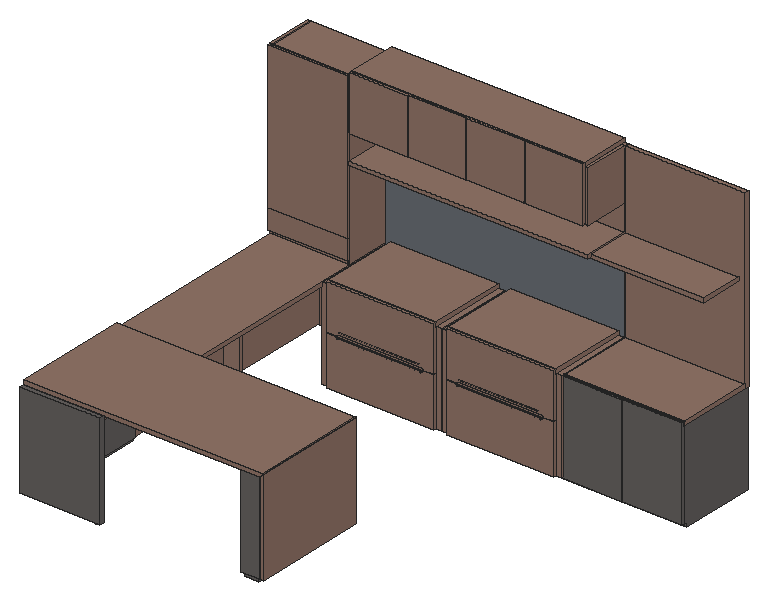
Revit family "OFS TYPICAL T100251", category Furniture, Revit 2022 (continued)
Definition of nested family "OFS SLATE MODULAR CABINET TOP PULL"
  Dimensions and locks (in)
    aligned and locked: plane 4 to nested 1
  Nested families (in)
    nested 1: "Tag" at (9, -24.6875, 0) x (-1, 0, 0) z (0, 0, 1), visible <- "Type_1", type "Center", detail levels fine
      with Offset (LR) 0' - 0", Distance of Center (not Change) 0' - 0.23"
    nested 2: "Tag" at (-9, -24.6875, 0), visible <- "Type_2", type "Center", detail levels fine
      with Offset (LR) 0' - 0", Distance of Center (not Change) 0' - 0.23"
    nested 3: "Tag" at (15, -24.6875, 0) x (-1, 0, 0) z (0, 0, 1), visible <- "Type_3", type "Center", detail levels fine
      with Offset (LR) 0' - 0", Distance of Center (not Change) 0' - 0.23"
    nested 4: "Tag" at (17.625, -24.6875, 0) x (-1, 0, 0) z (0, 0, 1), visible <- "Type_4", type "Center", detail levels fine
      with Offset (LR) 0' - 0", Distance of Center (not Change) 0' - 0.23"
  Definition of nested family "Tag"
    Parameters
      P_Width = 0' - 0"
      Text_Width = "Empty"
      Text_Height = "Empty"
      Text_Diameter = "Empty"
      Text_Depth = "Empty"
      Offset (LR) [instance] = 0' - 0"
      Model Name = ""
      P_Height = 0' - 0"
      Distance of Center (not Change) = 0' - 0"
      P_Diameter = 0' - 0"
      P_Depth = 0' - 0"
    Reference planes (in)
      plane 1: y = 0
      plane 2: x = 0
    Lines and regions (in)
      reference lines
        curve 1: line (-0.44359, 0, 0) -> (0.41085, 0, 0)
        curve 3: line (0, 0.32564, 0) -> (0, -0.40221, 0)
      reference lines, not visible
        curve 2: line (-0.44359, 0.09843, 0) -> (0.41085, 0.09843, 0)
        curve 4: line (0, 0.42407, 0) -> (0, -0.30379, 0)
    Text (in)
      label "Empty" at (0.00197, -0.0079, 0), shows "Model Name"
      label "Empty" at (0.00197, 0.09052, 0), shows "Model Name", not visible
    Dimensions and locks (in)
      "Distance of Center (not Change)": plane 1 to curve 1
      "Offset (LR)": curve 3 to plane 2
    Automatic sketch dimensions
      curve 1 to curve 3 = 0' - 0.44359"
      curve 3 to curve 1 = 0' - 0.41085"
      curve 3 to curve 1 = 0' - 0.40221"
      curve 1 to curve 3 = 0' - 0.32564"
      curve 2 to curve 4 = 0' - 0.44359"
      curve 4 to curve 2 = 0' - 0.41085"
      curve 4 to curve 2 = 0' - 0.40221"
      curve 2 to curve 4 = 0' - 0.32564"
Definition of nested family "OFS SLATE WALLMOUNT PANEL WITH SHELF VENEER PARTIAL HEIGHT B"
  Parameters (values of type "WALLMOUNT PANEL WITH RIGHT SHELF VENEER 3H 54in - 1.5H Shelf")
    Width = 4' - 6"
    URL = "http://www.ofs.com/"
    SH2 = 1' - 11 5/16"  # constant formula
    SH1 = 1' - 2 1/4"  # constant formula
    Right Gap = 0' - 2"
    Model = "CA-5446RPS25"
    Manufacturer = "CAROLINA"
    Left Gap = 0' - 0"
    Height From Floor = 1' - 10"
    Height = 3' - 10 11/16"
    Description = "OFS SLATE WALLMOUNT PANEL WITH RIGHT SHELF, 3 Height, Veneer Finish, 54\" Width, 1.5 Height Shelf, Worksurface Height Casegoods to achieve 4.5 High Workwall"
    Depth = 1' - 2 1/4"
    Default Elevation = 0' - 0"
    Copyright © = "©OFS 2019"
    Catalog = "https://ofs.com/products/tables/conference/slate"
    Chasis [instance] = none
    C6J Intermediate Shelf [instance] = yes
    C6J [instance] = and(SH2 > 1' 8", C6J Intermediate Shelf)  # yes
    Back Board Thickness = 0' - 1 3/16"
    Authoring Version = "Autodesk Revit Architecture 2014"
    Assembly Code = "E2020200"
  Types (16): name | Width | Right Gap | Model | Left Gap | Height From Floor | Height | Description
    WALLMOUNT PANEL WITH RIGHT SHELF VENEER 3.5H 18in - 1.5H Shelf | 1' - 6" | 0' - 2" | "CA-1852RPS25" | 0' - 0" | 2' - 4" | 4' - 4 11/16" | "OFS SLATE WALLMOUNT PANEL WITH RIGHT SHELF, 3.5 Height, Veneer Finish, 18\" Width, 1.5 Height Shelf, Worksurface Height Casegoods to achieve 4.5 High Workwall"
    WALLMOUNT PANEL WITH LEFT SHELF VENEER 3.5H 18in - 1.5H Shelf | 1' - 6" | 0' - 0" | "CA-1852LPS25" | 0' - 2" | 2' - 4" | 4' - 4 11/16" | "OFS SLATE WALLMOUNT PANEL WITH LEFT SHELF, 3.5 Height, Veneer Finish, 18\" Width, 1.5 Height Shelf, Worksurface Height Casegoods to achieve 4.5 High Workwall"
    WALLMOUNT PANEL WITH LEFT SHELF VENEER 3.5H 24in - 1.5H Shelf | 2' - 0" | 0' - 0" | "CA-2452LPS25" | 0' - 2" | 2' - 4" | 4' - 4 11/16" | "OFS SLATE WALLMOUNT PANEL WITH LEFT SHELF, 3.5 Height, Veneer Finish, 24\" Width, 1.5 Height Shelf, Worksurface Height Casegoods to achieve 4.5 High Workwall"
    WALLMOUNT PANEL WITH RIGHT SHELF VENEER 3.5H 24in - 1.5H Shelf | 2' - 0" | 0' - 2" | "CA-2452RPS25" | 0' - 0" | 2' - 4" | 4' - 4 11/16" | "OFS SLATE WALLMOUNT PANEL WITH RIGHT SHELF, 3.5 Height, Veneer Finish, 24\" Width, 1.5 Height Shelf, Worksurface Height Casegoods to achieve 4.5 High Workwall"
    WALLMOUNT PANEL WITH LEFT SHELF VENEER 3.5H 36in - 1.5H Shelf | 3' - 0" | 0' - 0" | "CA-3652LPS25" | 0' - 2" | 2' - 4" | 4' - 4 11/16" | "OFS SLATE WALLMOUNT PANEL WITH LEFT SHELF, 3.5 Height, Veneer Finish, 36\" Width, 1.5 Height Shelf, Worksurface Height Casegoods to achieve 4.5 High Workwall"
    WALLMOUNT PANEL WITH RIGHT SHELF VENEER 3.5H 36in - 1.5H Shelf | 3' - 0" | 0' - 2" | "CA-3652RPS25" | 0' - 0" | 2' - 4" | 4' - 4 11/16" | "OFS SLATE WALLMOUNT PANEL WITH RIGHT SHELF, 3.5 Height, Veneer Finish, 36\" Width, 1.5 Height Shelf, Worksurface Height Casegoods to achieve 4.5 High Workwall"
    WALLMOUNT PANEL WITH RIGHT SHELF VENEER 3.5H 54in - 1.5H Shelf | 4' - 6" | 0' - 2" | "CA-5452RPS25" | 0' - 0" | 2' - 4" | 4' - 4 11/16" | "OFS SLATE WALLMOUNT PANEL WITH RIGHT SHELF, 3.5 Height, Veneer Finish, 54\" Width, 1.5 Height Shelf, Worksurface Height Casegoods to achieve 4.5 High Workwall"
    WALLMOUNT PANEL WITH LEFT SHELF VENEER 3.5H 54in - 1.5H Shelf | 4' - 6" | 0' - 0" | "CA-5452LPS25" | 0' - 2" | 2' - 4" | 4' - 4 11/16" | "OFS SLATE WALLMOUNT PANEL WITH LEFT SHELF, 3.5 Height, Veneer Finish, 54\" Width, 1.5 Height Shelf, Worksurface Height Casegoods to achieve 4.5 High Workwall"
    WALLMOUNT PANEL WITH LEFT SHELF VENEER 3H 54in - 1.5H Shelf | 4' - 6" | 0' - 0" | "CA-5446LPS25" | 0' - 2" | 1' - 10" | 3' - 10 11/16" | "OFS SLATE WALLMOUNT PANEL WITH LEFT SHELF, 3 Height, Veneer Finish, 54\" Width, 1.5 Height Shelf, Worksurface Height Casegoods to achieve 4.5 High Workwall"
    WALLMOUNT PANEL WITH LEFT SHELF VENEER 3H 18in - 1.5H Shelf | 1' - 6" | 0' - 0" | "CA-1846LPS25" | 0' - 2" | 1' - 10" | 3' - 10 11/16" | "OFS SLATE WALLMOUNT PANEL WITH LEFT SHELF, 3 Height, Veneer Finish, 18\" Width, 1.5 Height Shelf, Worksurface Height Casegoods to achieve 4.5 High Workwall"
    WALLMOUNT PANEL WITH LEFT SHELF VENEER 3H 24in - 1.5H Shelf | 2' - 0" | 0' - 0" | "CA-2446LPS25" | 0' - 2" | 1' - 10" | 3' - 10 11/16" | "OFS SLATE WALLMOUNT PANEL WITH LEFT SHELF, 3 Height, Veneer Finish, 24\" Width, 1.5 Height Shelf, Worksurface Height Casegoods to achieve 4.5 High Workwall"
    WALLMOUNT PANEL WITH LEFT SHELF VENEER 3H 36in - 1.5H Shelf | 3' - 0" | 0' - 0" | "CA-3646LPS25" | 0' - 2" | 1' - 10" | 3' - 10 11/16" | "OFS SLATE WALLMOUNT PANEL WITH LEFT SHELF, 3 Height, Veneer Finish, 36\" Width, 1.5 Height Shelf, Worksurface Height Casegoods to achieve 4.5 High Workwall"
    WALLMOUNT PANEL WITH RIGHT SHELF VENEER 3H 18in - 1.5H Shelf | 1' - 6" | 0' - 2" | "CA-1846RPS25" | 0' - 0" | 1' - 10" | 3' - 10 11/16" | "OFS SLATE WALLMOUNT PANEL WITH RIGHT SHELF, 3 Height, Veneer Finish, 18\" Width, 1.5 Height Shelf, Worksurface Height Casegoods to achieve 4.5 High Workwall"
    WALLMOUNT PANEL WITH RIGHT SHELF VENEER 3H 24in - 1.5H Shelf | 2' - 0" | 0' - 2" | "CA-2446RPS25" | 0' - 0" | 1' - 10" | 3' - 10 11/16" | "OFS SLATE WALLMOUNT PANEL WITH RIGHT SHELF, 3 Height, Veneer Finish, 24\" Width, 1.5 Height Shelf, Worksurface Height Casegoods to achieve 4.5 High Workwall"
    WALLMOUNT PANEL WITH RIGHT SHELF VENEER 3H 36in - 1.5H Shelf | 3' - 0" | 0' - 2" | "CA-3646RPS25" | 0' - 0" | 1' - 10" | 3' - 10 11/16" | "OFS SLATE WALLMOUNT PANEL WITH RIGHT SHELF, 3 Height, Veneer Finish, 36\" Width, 1.5 Height Shelf, Worksurface Height Casegoods to achieve 4.5 High Workwall"
    WALLMOUNT PANEL WITH RIGHT SHELF VENEER 3H 54in - 1.5H Shelf | 4' - 6" | 0' - 2" | "CA-5446RPS25" | 0' - 0" | 1' - 10" | 3' - 10 11/16" | "OFS SLATE WALLMOUNT PANEL WITH RIGHT SHELF, 3 Height, Veneer Finish, 54\" Width, 1.5 Height Shelf, Worksurface Height Casegoods to achieve 4.5 High Workwall"
  Reference planes (in)
    plane 1 "Center Front/Back": y = 4.875
    plane 2 "Bottom": z = 0
    plane 3 "Center Left/Right": x = 0
    plane 4 "Back": y = 12
    plane 5 "Front": y = -2.25
    plane 6 "Left": x = -27
    plane 7 "Right": x = 27
    plane 8: z = 68.6875
    plane 9: z = 22
    plane 10: y = 10.8125
    plane 11: z = 45.375
    plane 12: z = 44.1875
    plane 13: x = -27
    plane 14: x = 25
    plane 15: z = 54.4375
    plane 16: z = 53.25
  Forms (in)
    Extrusion 1, solid, material <- "Chasis"
      sketch origin (0, 0, 0) x (1, 0, 0) y (0, 1, 0)
        loop
          line (-27, 12) -> (-27, 10.8125) -> (27, 10.8125) -> (27, 12) -> (-27, 12)
      from 22 to 68.6875
    Extrusion 2, solid, material <- "Chasis"
      sketch origin (0, 4.875, 0) x (1, 0, 0) y (0, 0, 1)
        loop
          line (-27, 45.375) -> (-27, 44.1875) -> (25, 44.1875) -> (25, 45.375) -> (-27, 45.375)
      from -5.9375 to 7.125
  Dimensions and locks (in)
    equal spacing: plane 5 "Front", plane 1 "Center Front/Back", plane 4 "Back"
    "Depth": plane 4 "Back" to plane 5 "Front"
    equal spacing: plane 6 "Left", plane 3 "Center Left/Right", plane 7 "Right"
    "Width": plane 6 "Left" to plane 7 "Right"
    "Back Board Thickness": plane 10 to plane 4 "Back"
    "Height From Floor": plane 9 to plane 2 "Bottom"
    "Height": plane 8 to plane 9
    "Left Gap": plane 13 to plane 6 "Left"
    "Right Gap": plane 14 to plane 7 "Right"
    locked: plane 15 to plane 16 at 1.1875
    "SH1": plane 8 to plane 15
    locked: plane 11 to plane 12 at 1.1875
    "SH2": plane 8 to plane 11
    aligned and locked: level to plane 2 "Bottom"
    aligned and locked: plane 4 "Back" to Extrusion 1 sketch curve
    aligned and locked: Extrusion 1 sketch curve to plane 10
    aligned and locked: Extrusion 1 to plane 7 "Right"
    aligned and locked: Extrusion 1 to plane 6 "Left"
    aligned and locked: plane 8 to Extrusion 1
    aligned and locked: Extrusion 1 to plane 9
    aligned and locked: Extrusion 2 to plane 12
    aligned and locked: plane 11 to Extrusion 2
    aligned and locked: Extrusion 2 to plane 10
    aligned and locked: Extrusion 2 to plane 5 "Front"
    aligned and locked: Extrusion 2 to plane 13
    aligned and locked: Extrusion 2 to plane 14
  Automatic sketch dimensions
    Extrusion 1 sketch curve to plane 6 "Left" = 0' - 0"
    Extrusion 1 sketch curve to plane 7 "Right" = 0' - 0"
    Extrusion 2 sketch curve to plane 12 = 0' - 0"
    Extrusion 2 sketch curve to plane 13 = 0' - 0"
    plane 7 "Right" to Extrusion 2 sketch curve = 0' - 2"
    Extrusion 2 sketch curve to plane 11 = 0' - 0"
Definition of nested family "OFS SLATE OVERLAY WALLMOUNT ORGANIZER W HINGED DOORS _ OPEN SHELF 1.5H"
  Parameters (values of type "OVERLAY WALLMOUNT ORGANIZER W 2 HINGED DOORS & OPEN SHELF 1.5H 30"")
    Width = 2' - 6"
    URL = "http://www.ofs.com/"
    Top Board Thickness = 0' - 1 1/16"
    Shelf Height = 0' - 9"
    Model = "CA-A3026HDWO"
    Manufacturer = "CAROLINA"
    Height From Floor = 5' - 5 1/4"
    Organizer Height = 1' - 4 9/16"
    Height = 2' - 1 1/2"
    Glides [instance] = none
    Gap2 = 0' - 0 1/16"
    Gap1 = 0' - 0 1/8"
    Front Panel Finish [instance] = none
    Front Board Thickness = 0' - 0 3/4"
    Description = "OFS SLATE OVERLAY WALLMOUNT ORGANIZER WITH 2 HINGED DOORS & OPEN SHELF , 30\" Width, Bottom of Cabinet and Shelf align with 1.5 High Wallmount Open Shelf Organizer"
    Depth = 1' - 3 3/4"
    Default Elevation = 0' - 0"
    Copyright © = "©OFS 2019"
    Catalog = "https://ofs.com/products/tables/conference/slate"
    Chasis [instance] = none
    Bottom Board Thickness = 0' - 1 1/4"
    Board Thickness = 0' - 1 3/16"
    Back Board Thickness = 0' - 1 3/16"
    Authoring Version = "Autodesk Revit Architecture 2014"
    Assembly Code = "E2020200"
    6 Doors = no
    4 Doors = no
    3 Doors = no
    2 Doors = yes
  Types (13): name | Width | Model | Description | 6 Doors | 4 Doors | 3 Doors | 2 Doors
    (no name) | 2' - 6" | "CA-A3026HDWO" | "OFS SLATE OVERLAY WALLMOUNT ORGANIZER WITH 2 HINGED DOORS & OPEN SHELF , 30\" Width, Bottom of Cabinet and Shelf align with 1.5 High Wallmount Open Shelf Organizer" | no | no | no | yes
    OVERLAY WALLMOUNT ORGANIZER W 2 HINGED DOORS & OPEN SHELF 1.5H 30" | 2' - 6" | "CA-A3026HDWO" | "OFS SLATE OVERLAY WALLMOUNT ORGANIZER WITH 2 HINGED DOORS & OPEN SHELF , 30\" Width, Bottom of Cabinet and Shelf align with 1.5 High Wallmount Open Shelf Organizer" | no | no | no | yes
    OVERLAY WALLMOUNT ORGANIZER W 2 HINGED DOORS & OPEN SHELF 1.5H 36" | 3' - 0" | "CA-A3626HDWO" | "OFS SLATE OVERLAY WALLMOUNT ORGANIZER WITH 2 HINGED DOORS & OPEN SHELF , 36\" Width, Bottom of Cabinet and Shelf align with 1.5 High Wallmount Open Shelf Organizer" | no | no | no | yes
    OVERLAY WALLMOUNT ORGANIZER W 3 HINGED DOORS & OPEN SHELF 1.5H 54" | 4' - 6" | "CA-A5426HDWO" | "OFS SLATE OVERLAY WALLMOUNT ORGANIZER WITH 3 HINGED DOORS & OPEN SHELF , 54\" Width, Bottom of Cabinet and Shelf align with 1.5 High Wallmount Open Shelf Organizer" | no | no | yes | no
    OVERLAY WALLMOUNT ORGANIZER W 4 HINGED DOORS & OPEN SHELF 1.5H 60" | 5' - 0" | "CA-A6026HDWO" | "OFS SLATE OVERLAY WALLMOUNT ORGANIZER WITH 4 HINGED DOORS & OPEN SHELF , 60\" Width, Bottom of Cabinet and Shelf align with 1.5 High Wallmount Open Shelf Organizer" | no | yes | no | no
    OVERLAY WALLMOUNT ORGANIZER W 4 HINGED DOORS & OPEN SHELF 1.5H 66" | 5' - 6" | "CA-A6626HDWO" | "OFS SLATE OVERLAY WALLMOUNT ORGANIZER WITH 4 HINGED DOORS & OPEN SHELF , 66\" Width, Bottom of Cabinet and Shelf align with 1.5 High Wallmount Open Shelf Organizer" | no | yes | no | no
    OVERLAY WALLMOUNT ORGANIZER W 4 HINGED DOORS & OPEN SHELF 1.5H 72" | 6' - 0" | "CA-A7226HDWO" | "OFS SLATE OVERLAY WALLMOUNT ORGANIZER WITH 4 HINGED DOORS & OPEN SHELF , 72\" Width, Bottom of Cabinet and Shelf align with 1.5 High Wallmount Open Shelf Organizer" | no | yes | no | no
    OVERLAY WALLMOUNT ORGANIZER W 4 HINGED DOORS & OPEN SHELF 1.5H 78" | 6' - 6" | "CA-A7826HDWO" | "OFS SLATE OVERLAY WALLMOUNT ORGANIZER WITH 4 HINGED DOORS & OPEN SHELF , 78\" Width, Bottom of Cabinet and Shelf align with 1.5 High Wallmount Open Shelf Organizer" | no | yes | no | no
    OVERLAY WALLMOUNT ORGANIZER W 4 HINGED DOORS & OPEN SHELF 1.5H 84" | 7' - 0" | "CA-A8426HDWO" | "OFS SLATE OVERLAY WALLMOUNT ORGANIZER WITH 4 HINGED DOORS & OPEN SHELF , 84\" Width, Bottom of Cabinet and Shelf align with 1.5 High Wallmount Open Shelf Organizer" | no | yes | no | no
    OVERLAY WALLMOUNT ORGANIZER W 6 HINGED DOORS & OPEN SHELF 1.5H 90" | 7' - 6" | "CA-A9026HDWO" | "OFS SLATE OVERLAY WALLMOUNT ORGANIZER WITH 6 HINGED DOORS & OPEN SHELF , 90\" Width, Bottom of Cabinet and Shelf align with 1.5 High Wallmount Open Shelf Organizer" | yes | no | no | no
    OVERLAY WALLMOUNT ORGANIZER W 6 HINGED DOORS & OPEN SHELF 1.5H 96" | 8' - 0" | "CA-A9626HDWO" | "OFS SLATE OVERLAY WALLMOUNT ORGANIZER WITH 6 HINGED DOORS & OPEN SHELF , 96\" Width, Bottom of Cabinet and Shelf align with 1.5 High Wallmount Open Shelf Organizer" | yes | no | no | no
    OVERLAY WALLMOUNT ORGANIZER W 6 HINGED DOORS & OPEN SHELF 1.5H 102" | 8' - 6" | "CA-A10226HDWO" | "OFS SLATE OVERLAY WALLMOUNT ORGANIZER WITH 6 HINGED DOORS & OPEN SHELF , 102\" Width, Bottom of Cabinet and Shelf align with 1.5 High Wallmount Open Shelf Organizer" | yes | no | no | no
    OVERLAY WALLMOUNT ORGANIZER W 6 HINGED DOORS & OPEN SHELF 1.5H 108" | 9' - 0" | "CA-A10826HDWO" | "OFS SLATE OVERLAY WALLMOUNT ORGANIZER WITH 6 HINGED DOORS & OPEN SHELF , 108\" Width, Bottom of Cabinet and Shelf align with 1.5 High Wallmount Open Shelf Organizer" | yes | no | no | no
  Reference planes (in)
    plane 1 "Center Front/Back": y = 4.125
    plane 2 "Bottom": z = 0
    plane 3 "Center Left/Right": x = 0
    plane 4 "Back": y = 12
    plane 5 "Front": y = -3.75
    plane 6 "Left": x = -15
    plane 7 "Right": x = 15
    plane 8: z = 81.8125
    plane 9: z = 65.25
    plane 10: z = 66.5
    plane 11: z = 80.75
    plane 12: x = -13.8125
    plane 13: x = 13.8125
    plane 14: y = 10.8125
    plane 15: y = -3
    plane 16: x = -0.0625
    plane 17: x = 0.0625
    plane 18: x = -13.8125
    plane 19: x = 13.8125
    plane 20: x = -6.90625
    plane 21: x = -6.96875
    plane 22: x = -6.84375
    plane 23: x = 6.90625
    plane 24: x = 6.96875
    plane 25: x = 6.84375
    plane 26: x = -4.60417
    plane 27: x = -4.66667
    plane 28: x = -4.54167
    plane 29: x = 4.60417
    plane 30: x = 4.66667
    plane 31: x = 4.54167
    plane 32: x = -9.20833
    plane 33: x = 9.20833
    plane 34: x = -9.27083
    plane 35: x = -9.14583
    plane 36: x = 9.27083
    plane 37: x = 9.14583
    plane 38: z = 80
    plane 39: x = 14
    plane 40: x = -14
    plane 41: z = 56.25
    plane 42: z = 57.4375
  Forms (in)
    Extrusion 1, solid, material <- "Chasis"
      sketch origin (0, 0, 0) x (1, 0, 0) y (0, 1, 0)
        loop
          line (-15, 12) -> (-15, 10.8125) -> (15, 10.8125) -> (15, 12) -> (-15, 12)
      from 56.25 to 80.75
    Extrusion 2, solid, material <- "Chasis"
      sketch origin (0, 0, 0) x (1, 0, 0) y (0, 1, 0)
        loop
          line (-15, 10.8125) -> (-15, -3) -> (-13.8125, -3) -> (-13.8125, 10.8125) -> (-15, 10.8125)
        loop
          line (13.8125, 10.8125) -> (13.8125, -3) -> (15, -3) -> (15, 10.8125) -> (13.8125, 10.8125)
      from 65.25 to 80.75
    Extrusion 3, solid, material <- "Chasis"
      sketch origin (0, 0, 0) x (1, 0, 0) y (0, 1, 0)
        loop
          line (-13.8125, 10.8125) -> (-13.8125, -3) -> (13.8125, -3) -> (13.8125, 10.8125) -> (-13.8125, 10.8125)
      from 65.25 to 66.5
    Extrusion 4, solid, material <- "Chasis"
      sketch origin (0, 0, 0) x (1, 0, 0) y (0, 1, 0)
        loop
          line (-14, 12) -> (-14, -3) -> (14, -3) -> (14, 12) -> (-14, 12)
      from 80.75 to 81.8125
    Extrusion 5, solid, material <- "Front Panel Finish", visible <- "4 Doors"
      sketch origin (0, 0, 0) x (0, 1, 0) y (0, 0, 1)
        loop
          line (-3.75, 81.8125) -> (-3.75, 65.25) -> (-3.375, 65.25) -> (-3, 65.625) -> (-3, 81.8125) -> (-3.75, 81.8125)
      from -14 to -6.96875
    Extrusion 6, solid, material <- "Front Panel Finish", visible <- "6 Doors"
      sketch origin (0, 0, 0) x (0, 1, 0) y (0, 0, 1)
        loop
          line (-3.75, 81.8125) -> (-3.75, 65.25) -> (-3.375, 65.25) -> (-3, 65.625) -> (-3, 81.8125) -> (-3.75, 81.8125)
      from -14 to -9.27083
    Extrusion 7, solid, material <- "Front Panel Finish", visible <- "4 Doors"
      sketch origin (27, 0, 0) x (0, 1, 0) y (0, 0, 1)
        loop
          line (-3.75, 81.8125) -> (-3.75, 65.25) -> (-3.375, 65.25) -> (-3, 65.625) -> (-3, 81.8125) -> (-3.75, 81.8125)
      from -33.84375 to -27.0625
    Extrusion 8, solid, material <- "Front Panel Finish", visible <- "4 Doors"
      sketch origin (55, 0, 0) x (0, 1, 0) y (0, 0, 1)
        loop
          line (-3.75, 81.8125) -> (-3.75, 65.25) -> (-3.375, 65.25) -> (-3, 65.625) -> (-3, 81.8125) -> (-3.75, 81.8125)
      from -54.9375 to -48.03125
    Extrusion 9, solid, material <- "Front Panel Finish", visible <- "4 Doors"
      sketch origin (82, 0, 0) x (0, 1, 0) y (0, 0, 1)
        loop
          line (-3.75, 81.8125) -> (-3.75, 65.25) -> (-3.375, 65.25) -> (-3, 65.625) -> (-3, 81.8125) -> (-3.75, 81.8125)
      from -75.15625 to -68
    Extrusion 10, solid, material <- "Front Panel Finish", visible <- "3 Doors"
      sketch origin (0, 0, 0) x (0, 1, 0) y (0, 0, 1)
        loop
          line (-3.75, 81.8125) -> (-3.75, 65.25) -> (-3.375, 65.25) -> (-3, 65.625) -> (-3, 81.8125) -> (-3.75, 81.8125)
      from -14 to -4.54167
    Extrusion 11, solid, material <- "Front Panel Finish", visible <- "3 Doors"
      sketch origin (-17, 0, 0) x (0, 1, 0) y (0, 0, 1)
        loop
          line (-3.75, 81.8125) -> (-3.75, 65.25) -> (-3.375, 65.25) -> (-3, 65.625) -> (-3, 81.8125) -> (-3.75, 81.8125)
      from 12.33333 to 21.66667
    Extrusion 12, solid, material <- "Front Panel Finish", visible <- "3 Doors"
      sketch origin (-34.25, 0, 0) x (0, 1, 0) y (0, 0, 1)
        loop
          line (-3.75, 81.8125) -> (-3.75, 65.25) -> (-3.375, 65.25) -> (-3, 65.625) -> (-3, 81.8125) -> (-3.75, 81.8125)
      from 38.79167 to 48.25
    Extrusion 13, solid, material <- "Front Panel Finish", visible <- "6 Doors"
      sketch origin (17, 0, 0) x (0, 1, 0) y (0, 0, 1)
        loop
          line (-3.75, 81.8125) -> (-3.75, 65.25) -> (-3.375, 65.25) -> (-3, 65.625) -> (-3, 81.8125) -> (-3.75, 81.8125)
      from -26.14583 to -21.54167
    Extrusion 14, solid, material <- "Front Panel Finish", visible <- "6 Doors"
      sketch origin (35.20833, 0, 0) x (0, 1, 0) y (0, 0, 1)
        loop
          line (-3.75, 81.8125) -> (-3.75, 65.25) -> (-3.375, 65.25) -> (-3, 65.625) -> (-3, 81.8125) -> (-3.75, 81.8125)
      from -39.875 to -35.27083
    Extrusion 15, solid, material <- "Front Panel Finish", visible <- "6 Doors"
      sketch origin (53.20833, 0, 0) x (0, 1, 0) y (0, 0, 1)
        loop
          line (-3.75, 81.8125) -> (-3.75, 65.25) -> (-3.375, 65.25) -> (-3, 65.625) -> (-3, 81.8125) -> (-3.75, 81.8125)
      from -53.14583 to -48.54167
    Extrusion 16, solid, material <- "Front Panel Finish", visible <- "6 Doors"
      sketch origin (71.20833, 0, 0) x (0, 1, 0) y (0, 0, 1)
        loop
          line (-3.75, 81.8125) -> (-3.75, 65.25) -> (-3.375, 65.25) -> (-3, 65.625) -> (-3, 81.8125) -> (-3.75, 81.8125)
      from -66.66667 to -61.9375
    Extrusion 17, solid, material <- "Front Panel Finish", visible <- "6 Doors"
      sketch origin (89.20833, 0, 0) x (0, 1, 0) y (0, 0, 1)
        loop
          line (-3.75, 81.8125) -> (-3.75, 65.25) -> (-3.375, 65.25) -> (-3, 65.625) -> (-3, 81.8125) -> (-3.75, 81.8125)
      from -80.0625 to -75.20833
    Extrusion 18, solid, material <- "Front Panel Finish", visible <- "2 Doors"
      sketch origin (35.20833, 0, 0) x (0, 1, 0) y (0, 0, 1)
        loop
          line (-3.75, 81.8125) -> (-3.75, 65.25) -> (-3.375, 65.25) -> (-3, 65.625) -> (-3, 81.8125) -> (-3.75, 81.8125)
      from -49.20833 to -35.27083
    Extrusion 19, solid, material <- "Front Panel Finish", visible <- "2 Doors"
      sketch origin (53.20833, 0, 0) x (0, 1, 0) y (0, 0, 1)
        loop
          line (-3.75, 81.8125) -> (-3.75, 65.25) -> (-3.375, 65.25) -> (-3, 65.625) -> (-3, 81.8125) -> (-3.75, 81.8125)
      from -53.14583 to -39.20833
    Extrusion 20, solid, material <- "Chasis"
      sketch origin (0, 0, 0) x (1, 0, 0) y (0, 1, 0)
        loop
          line (-13.8125, 10.8125) -> (-13.8125, -3) -> (13.8125, -3) -> (13.8125, 10.8125) -> (-13.8125, 10.8125)
      from 80 to 80.75
    Extrusion 21, solid, material <- "Chasis"
      sketch origin (42.76444, 4.49472, 0) x (1, 0, 0) y (0, 1, 0)
        loop
          line (-57.76444, 6.31778) -> (-57.76444, -7.49472) -> (-27.76444, -7.49472) -> (-27.76444, 6.31778) -> (-57.76444, 6.31778)
      from 56.25 to 57.4375
  Dimensions and locks (in)
    equal spacing: plane 5 "Front", plane 1 "Center Front/Back", plane 4 "Back"
    "Depth": plane 4 "Back" to plane 5 "Front"
    equal spacing: plane 6 "Left", plane 3 "Center Left/Right", plane 7 "Right"
    "Width": plane 6 "Left" to plane 7 "Right"
    "Front Board Thickness": plane 15 to plane 5 "Front"
    "Back Board Thickness": plane 14 to plane 4 "Back"
    "Board Thickness": plane 6 "Left" to plane 12
    "Board Thickness": plane 13 to plane 7 "Right"
    "Top Board Thickness": plane 8 to plane 11
    "Bottom Board Thickness": plane 10 to plane 9
    "Height From Floor": plane 9 to plane 2 "Bottom"
    "Organizer Height": plane 8 to plane 9
    equal spacing: plane 16, plane 3 "Center Left/Right", plane 17
    "Gap1": plane 16 to plane 17
    "Board Thickness": plane 6 "Left" to plane 18
    "Board Thickness": plane 19 to plane 7 "Right"
    equal spacing: plane 21, plane 20, plane 22
    "Gap1": plane 21 to plane 22
    equal spacing: plane 18, plane 20, plane 3 "Center Left/Right"
    equal spacing: plane 24, plane 23, plane 25
    equal spacing: plane 19, plane 23, plane 3 "Center Left/Right"
    "Gap1": plane 25 to plane 24
    equal spacing: plane 27, plane 26, plane 28
    "Gap1": plane 27 to plane 28
    equal spacing: plane 30, plane 29, plane 31
    "Gap1": plane 30 to plane 31
    equal spacing: plane 18, plane 26, plane 29, plane 19
    equal spacing: plane 18, plane 32, plane 26
    equal spacing: plane 19, plane 33, plane 29
    equal spacing: plane 34, plane 32, plane 35
    "Gap1": plane 34 to plane 35
    equal spacing: plane 37, plane 33, plane 36
    "Gap1": plane 37 to plane 36
    "Front Board Thickness": plane 11 to plane 38
    locked: plane 13 to plane 39 at 0.1875
    locked: plane 12 to plane 40 at 0.1875
    "Shelf Height": plane 9 to plane 41
    "Board Thickness": plane 42 to plane 41
    aligned and locked: level to plane 2 "Bottom"
    aligned and locked: plane 4 "Back" to Extrusion 1 sketch curve
    aligned and locked: Extrusion 1 sketch curve to plane 14
    aligned and locked: plane 6 "Left" to Extrusion 2 sketch curve
    aligned and locked: plane 15 to Extrusion 2 sketch curve  (x2)
    aligned and locked: plane 7 "Right" to Extrusion 2 sketch curve
    aligned and locked: plane 12 to Extrusion 3 sketch curve
    aligned and locked: plane 14 to Extrusion 3 sketch curve
    aligned and locked: plane 13 to Extrusion 3 sketch curve
    aligned and locked: plane 15 to Extrusion 3 sketch curve
    aligned and locked: plane 10 to Extrusion 3
    aligned and locked: Extrusion 3 to plane 9
    aligned and locked: plane 15 to Extrusion 4 sketch curve
    aligned and locked: Extrusion 5 sketch curve to plane 5 "Front"
    aligned and locked: Extrusion 5 sketch curve to plane 15
    aligned and locked: plane 8 to Extrusion 5 sketch curve
    aligned and locked: plane 21 to Extrusion 5
    aligned and locked: plane 22 to Extrusion 7
    aligned and locked: plane 16 to Extrusion 7
    aligned and locked: plane 17 to Extrusion 8
    aligned and locked: Extrusion 8 to plane 24
    aligned and locked: Extrusion 9 to plane 25
    aligned and locked: Extrusion 10 to plane 28
    aligned and locked: Extrusion 11 to plane 30
    aligned and locked: Extrusion 11 to plane 27
    aligned and locked: Extrusion 12 to plane 31
    aligned and locked: plane 34 to Extrusion 6
    aligned and locked: plane 35 to Extrusion 13
    aligned and locked: Extrusion 13 to plane 28
    aligned and locked: Extrusion 14 to plane 27
    aligned and locked: plane 16 to Extrusion 14
    aligned and locked: plane 17 to Extrusion 15
    aligned and locked: Extrusion 15 to plane 30
    aligned and locked: Extrusion 16 to plane 31
    aligned and locked: plane 36 to Extrusion 16
    aligned and locked: plane 37 to Extrusion 17
    aligned and locked: plane 17 to Extrusion 19
    aligned and locked: plane 16 to Extrusion 18
    aligned and locked: plane 15 to Extrusion 20 sketch curve
    aligned and locked: Extrusion 4 to plane 40
    aligned and locked: plane 8 to Extrusion 4
    aligned and locked: Extrusion 4 to plane 11
    aligned and locked: Extrusion 18 to plane 40
    aligned and locked: Extrusion 10 to plane 40
    aligned and locked: Extrusion 6 to plane 40
    aligned and locked: Extrusion 5 to plane 40
    aligned and locked: Extrusion 19 to plane 39
    aligned and locked: Extrusion 17 to plane 39
    aligned and locked: Extrusion 12 to plane 39
    aligned and locked: Extrusion 9 to plane 39
    aligned and locked: plane 41 to Extrusion 1
    aligned and locked: Extrusion 1 to plane 7 "Right"
    aligned and locked: Extrusion 1 to plane 6 "Left"
    aligned and locked: plane 11 to Extrusion 1
    aligned and locked: Extrusion 20 to plane 14
    aligned and locked: Extrusion 2 to plane 14  (x2)
    aligned and locked: plane 41 to Extrusion 21
    aligned and locked: Extrusion 21 to plane 42
    aligned and locked: Extrusion 21 to plane 6 "Left"
    aligned and locked: Extrusion 21 to plane 7 "Right"
    aligned and locked: Extrusion 21 to plane 14
    aligned and locked: Extrusion 21 to plane 15
  Automatic sketch dimensions
    Extrusion 1 sketch curve to plane 6 "Left" = 0' - 0"
    Extrusion 1 sketch curve to plane 7 "Right" = 0' - 0"
    Extrusion 2 sketch curve to plane 12 = 0' - 0"
    Extrusion 2 sketch curve to plane 13 = 0' - 0"
    plane 14 to Extrusion 2 sketch curve = 0' - 0"  (x2)
    Extrusion 4 sketch curve to plane 40 = 0' - 0"
    Extrusion 4 sketch curve to plane 39 = 0' - 0"
    plane 4 "Back" to Extrusion 4 sketch curve = 0' - 0"
    Extrusion 5 sketch curve to plane 9 = 0' - 0"
    Extrusion 5 sketch curve to Extrusion 5 sketch curve = 0' - 0 3/8"
    plane 9 to Extrusion 5 sketch curve = 0' - 0 3/8"
    Extrusion 6 sketch curve to plane 5 "Front" = 0' - 0"
    Extrusion 6 sketch curve to plane 9 = 0' - 0"
    Extrusion 6 sketch curve to plane 8 = 0' - 0"
    Extrusion 6 sketch curve to plane 15 = 0' - 0"
    Extrusion 6 sketch curve to Extrusion 6 sketch curve = 0' - 0 3/8"
    plane 9 to Extrusion 6 sketch curve = 0' - 0 3/8"
    Extrusion 7 sketch curve to plane 5 "Front" = 0' - 0"
    Extrusion 7 sketch curve to plane 9 = 0' - 0"
    Extrusion 7 sketch curve to plane 8 = 0' - 0"
    Extrusion 7 sketch curve to plane 15 = 0' - 0"
    plane 5 "Front" to Extrusion 7 sketch curve = 0' - 0 3/8"
    plane 9 to Extrusion 7 sketch curve = 0' - 0 3/8"
    Extrusion 8 sketch curve to plane 5 "Front" = 0' - 0"
    Extrusion 8 sketch curve to plane 9 = 0' - 0"
    Extrusion 8 sketch curve to plane 8 = 0' - 0"
    Extrusion 8 sketch curve to plane 15 = 0' - 0"
    plane 5 "Front" to Extrusion 8 sketch curve = 0' - 0 3/8"
    plane 9 to Extrusion 8 sketch curve = 0' - 0 3/8"
    Extrusion 9 sketch curve to plane 5 "Front" = 0' - 0"
    Extrusion 9 sketch curve to plane 9 = 0' - 0"
    Extrusion 9 sketch curve to plane 8 = 0' - 0"
    Extrusion 9 sketch curve to plane 15 = 0' - 0"
    plane 5 "Front" to Extrusion 9 sketch curve = 0' - 0 3/8"
    plane 9 to Extrusion 9 sketch curve = 0' - 0 3/8"
    Extrusion 10 sketch curve to plane 5 "Front" = 0' - 0"
    Extrusion 10 sketch curve to plane 9 = 0' - 0"
    Extrusion 10 sketch curve to plane 8 = 0' - 0"
    Extrusion 10 sketch curve to plane 15 = 0' - 0"
    Extrusion 10 sketch curve to Extrusion 10 sketch curve = 0' - 0 3/8"
    plane 9 to Extrusion 10 sketch curve = 0' - 0 3/8"
    Extrusion 11 sketch curve to plane 5 "Front" = 0' - 0"
    Extrusion 11 sketch curve to plane 9 = 0' - 0"
    Extrusion 11 sketch curve to plane 8 = 0' - 0"
    Extrusion 11 sketch curve to plane 15 = 0' - 0"
    plane 5 "Front" to Extrusion 11 sketch curve = 0' - 0 3/8"
    plane 9 to Extrusion 11 sketch curve = 0' - 0 3/8"
    Extrusion 12 sketch curve to plane 5 "Front" = 0' - 0"
    Extrusion 12 sketch curve to plane 9 = 0' - 0"
    Extrusion 12 sketch curve to plane 8 = 0' - 0"
    Extrusion 12 sketch curve to plane 15 = 0' - 0"
    plane 5 "Front" to Extrusion 12 sketch curve = 0' - 0 3/8"
    plane 9 to Extrusion 12 sketch curve = 0' - 0 3/8"
    Extrusion 13 sketch curve to plane 5 "Front" = 0' - 0"
    Extrusion 13 sketch curve to plane 9 = 0' - 0"
    Extrusion 13 sketch curve to plane 8 = 0' - 0"
    Extrusion 13 sketch curve to plane 15 = 0' - 0"
    plane 5 "Front" to Extrusion 13 sketch curve = 0' - 0 3/8"
    plane 9 to Extrusion 13 sketch curve = 0' - 0 3/8"
    Extrusion 14 sketch curve to plane 5 "Front" = 0' - 0"
    Extrusion 14 sketch curve to plane 9 = 0' - 0"
    Extrusion 14 sketch curve to plane 8 = 0' - 0"
    Extrusion 14 sketch curve to plane 15 = 0' - 0"
    plane 5 "Front" to Extrusion 14 sketch curve = 0' - 0 3/8"
    plane 9 to Extrusion 14 sketch curve = 0' - 0 3/8"
    Extrusion 15 sketch curve to plane 5 "Front" = 0' - 0"
    Extrusion 15 sketch curve to plane 9 = 0' - 0"
    Extrusion 15 sketch curve to plane 8 = 0' - 0"
    Extrusion 15 sketch curve to plane 15 = 0' - 0"
    plane 5 "Front" to Extrusion 15 sketch curve = 0' - 0 3/8"
    plane 9 to Extrusion 15 sketch curve = 0' - 0 3/8"
    Extrusion 16 sketch curve to plane 5 "Front" = 0' - 0"
    Extrusion 16 sketch curve to plane 9 = 0' - 0"
    Extrusion 16 sketch curve to plane 8 = 0' - 0"
    Extrusion 16 sketch curve to plane 15 = 0' - 0"
    plane 5 "Front" to Extrusion 16 sketch curve = 0' - 0 3/8"
    plane 9 to Extrusion 16 sketch curve = 0' - 0 3/8"
    Extrusion 17 sketch curve to plane 5 "Front" = 0' - 0"
    Extrusion 17 sketch curve to plane 9 = 0' - 0"
    Extrusion 17 sketch curve to plane 8 = 0' - 0"
    Extrusion 17 sketch curve to plane 15 = 0' - 0"
    plane 5 "Front" to Extrusion 17 sketch curve = 0' - 0 3/8"
    plane 9 to Extrusion 17 sketch curve = 0' - 0 3/8"
    Extrusion 18 sketch curve to plane 5 "Front" = 0' - 0"
    Extrusion 18 sketch curve to plane 9 = 0' - 0"
    Extrusion 18 sketch curve to plane 8 = 0' - 0"
    Extrusion 18 sketch curve to plane 15 = 0' - 0"
    Extrusion 18 sketch curve to Extrusion 18 sketch curve = 0' - 0 3/8"
    plane 9 to Extrusion 18 sketch curve = 0' - 0 3/8"
    Extrusion 19 sketch curve to plane 5 "Front" = 0' - 0"
    Extrusion 19 sketch curve to plane 9 = 0' - 0"
    Extrusion 19 sketch curve to plane 8 = 0' - 0"
    Extrusion 19 sketch curve to plane 15 = 0' - 0"
    plane 5 "Front" to Extrusion 19 sketch curve = 0' - 0 3/8"
    plane 9 to Extrusion 19 sketch curve = 0' - 0 3/8"
    Extrusion 20 sketch curve to plane 12 = 0' - 0"
    Extrusion 20 sketch curve to plane 13 = 0' - 0"
    plane 14 to Extrusion 20 sketch curve = 0' - 0"
    plane 1 "Center Front/Back" to Extrusion 21 sketch curve = 0' - 7 1/8"
    plane 7 "Right" to Extrusion 21 sketch curve = 2' - 6"
    Extrusion 21 sketch curve to Extrusion 21 sketch curve = 2' - 6"
    plane 4 "Back" to Extrusion 21 sketch curve = 0' - 1 3/16"
Definition of nested family "OFS SLATE OVERLAY WORK TABLE HEIGHT ADJUSTABLE"
  Parameters (values of type "OVERLAY WORK TABLE HEIGHT ADJUSTABLE 66W x 30D Left")
    Width = 5' - 6"
    URL = "http://www.ofs.com/"
    Type = 1
    Right = Type = 2  # no
    Left = Type = 1  # yes
    Description = "OFS CAROLINA SLATE Overlay Worktable height adjustable 66w x 30d Left"
    Model = "CA-A6630WKHAL-2"
    Manufacturer = "CAROLINA"
    Depth = 2' - 6"
    Default Elevation = 0' - 0"
    Copyright © = "© 2019 OFS"
    Catalog = "https://ofs.com/products/tables/conference/slate"
    Authoring Version = "Autodesk Revit Architecture 2014"
    Assembly Code = "E2020200"
    Worksurface [instance] = none
    Panel [instance] = none
    Feet [instance] = none
  Types (12): name | Width | Type | Right | Left | Description | Model | Depth
    OVERLAY WORK TABLE HEIGHT ADJUSTABLE 84W x 36D Right | 7' - 0" | 2 | yes | no | "OFS CAROLINA SLATE Overlay Worktable height adjustable 84w x 36d Right" | "CA-A8436WKHAR-2" | 3' - 0"
    OVERLAY WORK TABLE HEIGHT ADJUSTABLE 78W x 36D Right | 6' - 6" | 2 | yes | no | "OFS CAROLINA SLATE Overlay Worktable height adjustable 78w x 36d Right" | "CA-A7836WKHAR-2" | 3' - 0"
    OVERLAY WORK TABLE HEIGHT ADJUSTABLE 72W x 36D Right | 6' - 0" | 2 | yes | no | "OFS CAROLINA SLATE Overlay Worktable height adjustable 72w x 36d Right" | "CA-A7236WKHAR-2" | 3' - 0"
    OVERLAY WORK TABLE HEIGHT ADJUSTABLE 72W x 30D Right | 6' - 0" | 2 | yes | no | "OFS CAROLINA SLATE Overlay Worktable height adjustable 72w x 30d Right" | "CA-A7230WKHAR-2" | 2' - 6"
    OVERLAY WORK TABLE HEIGHT ADJUSTABLE 66W x 30D Right | 5' - 6" | 2 | yes | no | "OFS CAROLINA SLATE Overlay Worktable height adjustable 66w x 30d Right" | "CA-A6630WKHAR-2" | 2' - 6"
    OVERLAY WORK TABLE HEIGHT ADJUSTABLE 60W x 30D Right | 5' - 0" | 2 | yes | no | "OFS CAROLINA SLATE Overlay Worktable height adjustable 60w x 30d Right" | "CA-A6030WKHAR-2" | 2' - 6"
    OVERLAY WORK TABLE HEIGHT ADJUSTABLE 84W x 36D Left | 7' - 0" | 1 | no | yes | "OFS CAROLINA SLATE Overlay Worktable height adjustable 84w x 36d Left" | "CA-A8436WKHAL-2" | 3' - 0"
    OVERLAY WORK TABLE HEIGHT ADJUSTABLE 78W x 36D Left | 6' - 6" | 1 | no | yes | "OFS CAROLINA SLATE Overlay Worktable height adjustable 78w x 36d Left" | "CA-A7836WKHAL-2" | 3' - 0"
    OVERLAY WORK TABLE HEIGHT ADJUSTABLE 72W x 36D Left | 6' - 0" | 1 | no | yes | "OFS CAROLINA SLATE Overlay Worktable height adjustable 72w x 36d Left" | "CA-A7236WKHAL-2" | 3' - 0"
    OVERLAY WORK TABLE HEIGHT ADJUSTABLE 72W x 30D Left | 6' - 0" | 1 | no | yes | "OFS CAROLINA SLATE Overlay Worktable height adjustable 72w x 30d Left" | "CA-A7230WKHAL-2" | 2' - 6"
    OVERLAY WORK TABLE HEIGHT ADJUSTABLE 66W x 30D Left | 5' - 6" | 1 | no | yes | "OFS CAROLINA SLATE Overlay Worktable height adjustable 66w x 30d Left" | "CA-A6630WKHAL-2" | 2' - 6"
    OVERLAY WORK TABLE HEIGHT ADJUSTABLE 60W x 30D Left | 5' - 0" | 1 | no | yes | "OFS CAROLINA SLATE Overlay Worktable height adjustable 60w x 30d Left" | "CA-A6030WKHAL-2" | 2' - 6"
  Reference planes (in)
    plane 1 "Center (Front/Back)": y = 0
    plane 2: z = 0
    plane 3 "Center (Left/Right)": x = 0
    plane 4 "rrr": through (-2.45771, -5.50063, 16.56517) normal (0.0223, 0.0194, 0.9996)
    plane 5: y = -1.1875
    plane 6 "Front Face": y = -30
    plane 7: x = -66
    plane 8: x = 66
    plane 9: x = -33
    plane 10: x = 33
    plane 11: z = 30.3875
    plane 12 "Base 2": z = 1.7
    plane 13 "Base 1": z = 0.45
    plane 14 "Left Side Base L": x = -61.9375
    plane 15 "Right Side Base R": x = 61.9375
    plane 16 "RLO": x = -2.5
    plane 17 "LLO": x = 2.5
    plane 18 "RLI": x = -22.5
    plane 19 "LLI": x = 22.5
    plane 20: z = 29.2
    plane 21: x = -59.0625
    plane 22: x = 59.0625
    plane 23: y = -29.1875
    plane 24: y = -1.9375
  Forms (in)
    Extrusion 1, solid, material <- "Worksurface", visible <- "Left"
      sketch origin (0, -30, 0) x (1, 0, 0) y (0, 0, 1)
        loop
          line (-64.8125, 29.2) -> (-65.78722, 30.17472)
          arc (-65.78722, 30.17472) -> (-65.92305, 30.20173) -> (-66, 30.08658) r 0.12464
          line (-66, 30.08658) -> (-66, 1.7) -> (-64.8125, 1.7) -> (-64.8125, 29.2)
      from 0 to -28.8125
    Extrusion 2, solid, material <- "Panel", visible <- "Left"
      sketch origin (0, 0, 1.7) x (-1, 0, 0) y (0, -1, 0)
        loop
          line (64.8125, 1.1875) -> (64.8125, 1.9375) -> (59.0625, 1.9375) -> (59.0625, 1.1875) -> (64.8125, 1.1875)
        loop
          line (64.8125, 29.9375) -> (59.0625, 29.9375) -> (59.0625, 29.1875) -> (64.8125, 29.1875) -> (64.8125, 29.9375)
      from 0 to 27.5
    Extrusion 3, solid, material <- "Panel", visible <- "Left"
      sketch origin (0, 0, 1.7) x (-1, 0, 0) y (0, -1, 0)
        loop
          line (59.8125, 1.9375) -> (59.8125, 29.1875) -> (59.0625, 29.1875) -> (59.0625, 1.9375) -> (59.8125, 1.9375)
        loop
          line (64.0625, 1.9375) -> (64.8125, 1.9375) -> (64.8125, 29.1875) -> (64.0625, 29.1875) -> (64.0625, 1.9375)
      from 0 to 27.5
    Extrusion 4, solid, material <- "Panel", visible <- "Left"
      sketch origin (0, 0, 0.45) x (-1, 0, 0) y (0, -1, 0)
        loop
          line (64.0625, 1.9375) -> (64.0625, 29.1875) -> (59.8125, 29.1875) -> (59.8125, 1.9375) -> (64.0625, 1.9375)
      from 0 to 1.25
    Revolve 5, solid, material <- "Feet", visible <- "Left"
      sketch origin (-61.9375, 0, 0) x (0, -1, 0) y (0, 0, 1)
        loop
          line (28.21262, 0.45) -> (27.92395, 0.45) -> (27.92395, 0) -> (28.16895, 0)
          arc (28.16895, 0) -> (28.29705, 0.10784) -> (28.21262, 0.25244) r 0.13
          line (28.21262, 0.25244) -> (28.21262, 0.45)
        axis (27.92395, 0) -> (27.92395, 0.45)
      angle from 0 to 360
    Revolve 6, solid, material <- "Feet", visible <- "Left"
      sketch origin (-61.9375, 0, 0) x (0, -1, 0) y (0, 0, 1)
        loop
          line (3.20105, 0) -> (3.44605, 0)
          arc (3.44605, 0) -> (3.57415, 0.10784) -> (3.48973, 0.25244) r 0.13
          line (3.48973, 0.25244) -> (3.48973, 0.45) -> (3.20105, 0.45) -> (3.20105, 0)
        axis (3.20105, 0) -> (3.20105, 0.45)
      angle from 0 to 360
    Extrusion 7, solid, material <- "Panel", visible <- "Left"
      sketch origin (0, 0, 0.45) x (-1, 0, 0) y (0, -1, 0)
        loop
          line (24, 0) -> (24, 1.1875) -> (0, 1.1875) -> (0, 0) -> (24, 0)
      from 0 to 28.75
    Extrusion 8, solid, material <- "Worksurface", visible <- "Left"
      sketch origin (0, -30, 0) x (1, 0, 0) y (0, 0, 1)
        loop
          line (-24, 29.2) -> (-24, 28.0125) -> (0, 28.0125) -> (0, 29.2) -> (-24, 29.2)
      from 0 to -28.8125
    Extrusion 9, solid, material <- "Worksurface", visible <- "Left"
      sketch origin (0, -30, 0) x (1, 0, 0) y (0, 0, 1)
        loop
          line (0, 30.3875) -> (-65.69771, 30.3875)
          arc (-65.69771, 30.3875) -> (-65.8134, 30.3102) -> (-65.78625, 30.17375) r 0.12521
          line (-65.78625, 30.17375) -> (-64.8125, 29.2) -> (0, 29.2) -> (0, 30.3875)
      from 0 to -28.8125
    Revolve 10, solid, material <- "Feet", visible <- "Left"
      sketch origin (-22.5, 0, 0) x (0, -1, 0) y (0, 0, 1)
        loop
          line (0.59375, 0) -> (0.83875, 0)
          arc (0.83875, 0) -> (0.96685, 0.10784) -> (0.88243, 0.25244) r 0.13
          line (0.88243, 0.25244) -> (0.88243, 0.45) -> (0.59375, 0.45) -> (0.59375, 0)
        axis (0.59375, 0) -> (0.59375, 0.45)
      angle from 0 to 360
    Revolve 11, solid, material <- "Feet", visible <- "Left"
      sketch origin (-2.5, 1.45549, 0) x (0, -1, 0) y (0, 0, 1)
        loop
          line (4.16929, 0) -> (4.41429, 0)
          arc (4.41429, 0) -> (4.54239, 0.10784) -> (4.45797, 0.25244) r 0.13
          line (4.45797, 0.25244) -> (4.45797, 0.45) -> (4.16929, 0.45) -> (4.16929, 0)
        axis (4.16929, 0) -> (4.16929, 0.45)
      angle from 0 to 360
    Revolve 12, solid, material <- "Feet", visible <- "Left"
      sketch origin (-2.5, 4.13067, 0) x (0, -1, 0) y (0, 0, 1)
        loop
          line (32.89304, 0.45) -> (32.60436, 0.45) -> (32.60436, 0) -> (32.84936, 0)
          arc (32.84936, 0) -> (32.97746, 0.10784) -> (32.89304, 0.25244) r 0.13
          line (32.89304, 0.25244) -> (32.89304, 0.45)
        axis (32.60436, 0) -> (32.60436, 0.45)
      angle from 0 to 360
    Extrusion 13, solid, material <- "Panel", visible <- "Left"
      sketch origin (0, 0, 1.7) x (-1, 0, 0) y (0, -1, 0)
        loop
          line (5, 1.9375) -> (0, 1.9375) -> (0, 1.1875) -> (5, 1.1875) -> (5, 1.9375)
        loop
          line (5, 29.25) -> (5, 30) -> (0, 30) -> (0, 29.25) -> (5, 29.25)
      from 0.25 to 26.3125
    Extrusion 14, solid, material <- "Panel", visible <- "Left"
      sketch origin (0, -30, 0) x (1, 0, 0) y (0, 0, 1)
        loop
          line (-5.74928, 27.26248) -> (-5.74928, 1.7) -> (-5, 1.7) -> (-5, 27.26248) -> (-5.74928, 27.26248)
      from -0.0625 to -28.8125
    Extrusion 15, solid, material <- "Panel", visible <- "Left"
      sketch origin (0, -30, 0) x (1, 0, 0) y (0, 0, 1)
        loop
          line (-0.75, 28.0125) -> (-0.75, 24.7625) -> (0, 24.7625) -> (0, 28.0125) -> (-0.75, 28.0125)
      from -0.75 to -28.0625
    Extrusion 16, solid, material <- "Panel", visible <- "Left"
      sketch origin (0, 0, 0.45) x (-1, 0, 0) y (0, -1, 0)
        loop
          line (5, 1.1875) -> (5, 30) -> (0, 30) -> (0, 1.1875) -> (5, 1.1875)
      from 0 to 1.5
    Revolve 17, solid, material <- "Feet", visible <- "Right"
      sketch origin (61.9375, 0, 0) x (0, -1, 0) y (0, 0, 1)
        loop
          line (28.21262, 0.45) -> (27.92395, 0.45) -> (27.92395, 0) -> (28.16895, 0)
          arc (28.16895, 0) -> (28.29705, 0.10784) -> (28.21262, 0.25244) r 0.13
          line (28.21262, 0.25244) -> (28.21262, 0.45)
        axis (27.92395, 0) -> (27.92395, 0.45)
      angle from 0 to 360
    Revolve 18, solid, material <- "Feet", visible <- "Right"
      sketch origin (61.9375, 0, 0) x (0, -1, 0) y (0, 0, 1)
        loop
          line (3.20105, 0) -> (3.44605, 0)
          arc (3.44605, 0) -> (3.57415, 0.10784) -> (3.48973, 0.25244) r 0.13
          line (3.48973, 0.25244) -> (3.48973, 0.45) -> (3.20105, 0.45) -> (3.20105, 0)
        axis (3.20105, 0) -> (3.20105, 0.45)
      angle from 0 to 360
    Revolve 19, solid, material <- "Feet", visible <- "Right"
      sketch origin (22.5, 0, 0) x (0, -1, 0) y (0, 0, 1)
        loop
          line (0.59375, 0) -> (0.83875, 0)
          arc (0.83875, 0) -> (0.96685, 0.10784) -> (0.88243, 0.25244) r 0.13
          line (0.88243, 0.25244) -> (0.88243, 0.45) -> (0.59375, 0.45) -> (0.59375, 0)
        axis (0.59375, 0) -> (0.59375, 0.45)
      angle from 0 to 360
    Extrusion 20, solid, material <- "Worksurface", visible <- "Right"
      sketch origin (0, -30, 0) x (-1, 0, 0) y (0, 0, -1)
        loop
          line (-64.8125, -29.2) -> (-64.8125, -1.7) -> (-66, -1.7) -> (-66, -30.08658)
          arc (-66, -30.08658) -> (-65.92305, -30.20173) -> (-65.78722, -30.17472) r 0.12464
          line (-65.78722, -30.17472) -> (-64.8125, -29.2)
      from 0 to -28.8125
    Revolve 21, solid, material <- "Feet", visible <- "Right"
      sketch origin (2.5, 0, 0) x (0, 1, 0) y (0, 0, 1)
        loop
          line (-2.71381, 0) -> (-2.71381, 0.45) -> (-3.00248, 0.45) -> (-3.00248, 0.25244)
          arc (-3.00248, 0.25244) -> (-3.0869, 0.10784) -> (-2.95881, 0) r 0.13
          line (-2.95881, 0) -> (-2.71381, 0)
        axis (-2.71381, 0) -> (-2.71381, 0.45)
      angle from 0 to 360
    Revolve 22, solid, material <- "Feet", visible <- "Right"
      sketch origin (2.5, 0, 0) x (0, 1, 0) y (0, 0, 1)
        loop
          line (-28.76237, 0.45) -> (-28.76237, 0.25244)
          arc (-28.76237, 0.25244) -> (-28.84679, 0.10784) -> (-28.71869, 0) r 0.13
          line (-28.71869, 0) -> (-28.47369, 0) -> (-28.47369, 0.45) -> (-28.76237, 0.45)
        axis (-28.47369, 0) -> (-28.47369, 0.45)
      angle from 0 to 360
    Extrusion 23, solid, material <- "Panel", visible <- "Right"
      sketch origin (0, 0, 0.45) x (1, 0, 0) y (0, 1, 0)
        loop
          line (24, 0) -> (0, 0) -> (0, -1.1875) -> (24, -1.1875) -> (24, 0)
      from 0 to 28.75
    Extrusion 24, solid, material <- "Panel", visible <- "Right"
      sketch origin (0, -30, 0) x (-1, 0, 0) y (0, 0, -1)
        loop
          line (-0.75, -28.0125) -> (0, -28.0125) -> (0, -24.7625) -> (-0.75, -24.7625) -> (-0.75, -28.0125)
      from -0.75 to -28.0625
    Extrusion 25, solid, material <- "Panel", visible <- "Right"
      sketch origin (0, -30, 0) x (-1, 0, 0) y (0, 0, -1)
        loop
          line (-5.74928, -27.26248) -> (-5, -27.26248) -> (-5, -1.7) -> (-5.74928, -1.7) -> (-5.74928, -27.26248)
      from -0.0625 to -28.8125
    Extrusion 26, solid, material <- "Worksurface", visible <- "Right"
      sketch origin (0, -30, 0) x (-1, 0, 0) y (0, 0, -1)
        loop
          line (-24, -29.2) -> (0, -29.2) -> (0, -28.0125) -> (-24, -28.0125) -> (-24, -29.2)
      from 0 to -28.8125
    Extrusion 27, solid, material <- "Panel", visible <- "Right"
      sketch origin (0, 0, 1.7) x (1, 0, 0) y (0, 1, 0)
        loop
          line (5, -1.9375) -> (5, -1.1875) -> (0, -1.1875) -> (0, -1.9375) -> (5, -1.9375)
        loop
          line (5, -29.25) -> (0, -29.25) -> (0, -30) -> (5, -30) -> (5, -29.25)
      from 0.25 to 26.3125
    Extrusion 28, solid, material <- "Panel", visible <- "Right"
      sketch origin (0, 0, 1.7) x (1, 0, 0) y (0, 1, 0)
        loop
          line (59.8125, -1.9375) -> (59.0625, -1.9375) -> (59.0625, -29.1875) -> (59.8125, -29.1875) -> (59.8125, -1.9375)
        loop
          line (64.0625, -1.9375) -> (64.0625, -29.1875) -> (64.8125, -29.1875) -> (64.8125, -1.9375) -> (64.0625, -1.9375)
      from 0 to 27.5
    Extrusion 29, solid, material <- "Panel", visible <- "Right"
      sketch origin (0, 0, 1.7) x (1, 0, 0) y (0, 1, 0)
        loop
          line (64.8125, -1.1875) -> (59.0625, -1.1875) -> (59.0625, -1.9375) -> (64.8125, -1.9375) -> (64.8125, -1.1875)
        loop
          line (64.8125, -29.9375) -> (64.8125, -29.1875) -> (59.0625, -29.1875) -> (59.0625, -29.9375) -> (64.8125, -29.9375)
      from 0 to 27.5
    Extrusion 30, solid, material <- "Worksurface", visible <- "Right"
      sketch origin (0, -30, 0) x (-1, 0, 0) y (0, 0, -1)
        loop
          line (0, -30.3875) -> (0, -29.2) -> (-64.8125, -29.2) -> (-65.78625, -30.17375)
          arc (-65.78625, -30.17375) -> (-65.8134, -30.3102) -> (-65.69771, -30.3875) r 0.12521
          line (-65.69771, -30.3875) -> (0, -30.3875)
      from 0 to -28.8125
    Extrusion 31, solid, material <- "Panel", visible <- "Right"
      sketch origin (0, 0, 0.45) x (1, 0, 0) y (0, 1, 0)
        loop
          line (5, -1.1875) -> (0, -1.1875) -> (0, -30) -> (5, -30) -> (5, -1.1875)
      from 0 to 1.5
    Extrusion 32, solid, material <- "Panel", visible <- "Right"
      sketch origin (0, 0, 0.45) x (1, 0, 0) y (0, 1, 0)
        loop
          line (64.0625, -1.9375) -> (59.8125, -1.9375) -> (59.8125, -29.1875) -> (64.0625, -29.1875) -> (64.0625, -1.9375)
      from 0 to 1.25
  Lines and regions (in)
    Masking region 1, visible <- "Left"
      outline origin (0, 0, 0) x (1, 0, 0) y (0, 1, 0)
        loop
          line (-66, -30) -> (0, -30) -> (0, 0) -> (-24, 0) -> (-24, -1.1875) -> (-66, -1.1875) -> (-66, -30)
    Masking region 2, visible <- "Right"
      outline origin (0, 0, 0) x (0, 1, 0) y (-1, 0, 0)
        loop
          line (-30, -66) -> (-1.1875, -66) -> (-1.1875, -24) -> (0, -24) -> (0, 0) -> (-30, 0) -> (-30, -66)
    symbolic lines, visible <- "Left", detail levels medium+fine
      curve 1: line (-24, -1.1875, 0) -> (0, -1.1875, 0)
    symbolic lines, visible <- "Right", detail levels medium+fine
      curve 2: line (24, -1.1875, 0) -> (0, -1.1875, 0)
  Dimensions and locks (in)
    "Width": plane 7 to plane 3 "Center (Left/Right)"
    equal spacing: plane 7, plane 9, plane 3 "Center (Left/Right)"
    "Width": plane 3 "Center (Left/Right)" to plane 8
    equal spacing: plane 3 "Center (Left/Right)", plane 10, plane 8
    "Depth": plane 6 "Front Face" to plane 1 "Center (Front/Back)"
    locked: plane 6 "Front Face" to plane 23 at 0.8125
    plane 7 to plane 14 "Left Side Base L" to plane 21 = 0' - 4 1/16" locked, 0' - 2 7/8" locked
    plane 22 to plane 15 "Right Side Base R" to plane 8 = 0' - 2 7/8" locked, 0' - 4 1/16" locked
    locked: plane 11 to plane 20 at 1.1875
    locked: plane 20 to Extrusion 8 sketch curve at 1.1875
    locked: plane 20 to Extrusion 26 sketch curve at 1.1875
    aligned and locked: level to plane 2
    aligned and locked: Extrusion 1 sketch curve to plane 7
    aligned and locked: plane 6 "Front Face" to Extrusion 1
    aligned and locked: plane 5 to Extrusion 1
    aligned and locked: Extrusion 2 sketch curve to plane 5
    aligned and locked: Extrusion 2 sketch curve to plane 21
    aligned and locked: plane 21 to Extrusion 2 sketch curve
    aligned and locked: plane 24 to Extrusion 2 sketch curve
    aligned and locked: Extrusion 2 sketch curve to plane 23
    aligned and locked: plane 24 to Extrusion 3 sketch curve
    aligned and locked: Extrusion 3 sketch curve to plane 24
    aligned and locked: Extrusion 3 sketch curve to plane 21
    aligned and locked: plane 23 to Extrusion 3 sketch curve
    aligned and locked: Extrusion 3 sketch curve to plane 23
    aligned and locked: Extrusion 2 to plane 12 "Base 2"
    aligned and locked: plane 20 to Extrusion 2
    aligned and locked: Extrusion 3 to plane 12 "Base 2"
    aligned and locked: plane 20 to Extrusion 3
    aligned and locked: Extrusion 4 sketch curve to plane 24
    aligned and locked: Extrusion 4 sketch curve to plane 23
    aligned and locked: plane 12 "Base 2" to Extrusion 4
    aligned and locked: Extrusion 4 to plane 13 "Base 1"
    aligned and locked: Revolve 6 sketch curve to plane 13 "Base 1"
    aligned and locked: plane 2 to Revolve 6 sketch curve
    aligned and locked: plane 5 to Extrusion 7 sketch curve
    aligned and locked: plane 1 "Center (Front/Back)" to Extrusion 7 sketch curve
    aligned and locked: Extrusion 7 sketch curve to plane 3 "Center (Left/Right)"
    aligned and locked: Extrusion 7 to plane 13 "Base 1"
    aligned and locked: Extrusion 8 sketch curve to plane 3 "Center (Left/Right)"
    aligned and locked: Extrusion 8 sketch curve to plane 20
    aligned and locked: Extrusion 8 to plane 6 "Front Face"
    aligned and locked: plane 5 to Extrusion 8
    aligned and locked: Extrusion 9 sketch curve to plane 3 "Center (Left/Right)"
    aligned and locked: Extrusion 9 to plane 6 "Front Face"
    aligned and locked: plane 5 to Extrusion 9
    aligned and locked: Revolve 11 sketch curve to plane 13 "Base 1"
    aligned and locked: plane 2 to Revolve 11 sketch curve
    aligned and locked: plane 13 "Base 1" to Revolve 12 sketch curve
    aligned and locked: Revolve 12 sketch curve to plane 2
    aligned and locked: Extrusion 13 sketch curve to plane 3 "Center (Left/Right)"
    aligned and locked: Extrusion 13 sketch curve to plane 6 "Front Face"
    aligned and locked: Extrusion 13 sketch curve to plane 24
    aligned and locked: plane 3 "Center (Left/Right)" to Extrusion 13 sketch curve
    aligned and locked: plane 5 to Extrusion 13 sketch curve
    aligned and locked: plane 12 "Base 2" to Extrusion 14 sketch curve
    aligned and locked: plane 5 to Extrusion 14
    aligned and locked: Extrusion 15 sketch curve to plane 3 "Center (Left/Right)"
    aligned and locked: plane 24 to Extrusion 15
    aligned and locked: Extrusion 16 sketch curve to plane 5
    aligned and locked: Extrusion 16 sketch curve to plane 3 "Center (Left/Right)"
    aligned and locked: Extrusion 16 sketch curve to plane 6 "Front Face"
    aligned and locked: Extrusion 16 to plane 13 "Base 1"
    aligned and locked: plane 7 to Masking region 1 sketch curve
    aligned and locked: plane 6 "Front Face" to Masking region 1 sketch curve
    aligned and locked: plane 3 "Center (Left/Right)" to Masking region 1 sketch curve
    aligned and locked: plane 5 to Masking region 1 sketch curve
    aligned and locked: Masking region 1 sketch curve to plane 1 "Center (Front/Back)"
    aligned and locked: Masking region 1 sketch curve to Extrusion 7
    aligned and locked: Extrusion 7 to curve 1
    aligned and locked: plane 3 "Center (Left/Right)" to curve 1
    aligned and locked: curve 1 to plane 5
    aligned and locked: nested 1 to plane 6 "Front Face"
    aligned and locked: plane 9 to nested 1
    aligned and locked: plane 3 "Center (Left/Right)" to Masking region 2 sketch curve
    aligned and locked: Masking region 2 sketch curve to plane 6 "Front Face"
    aligned and locked: Masking region 2 sketch curve to plane 8
    aligned and locked: Masking region 2 sketch curve to plane 5
    aligned and locked: plane 1 "Center (Front/Back)" to Masking region 2 sketch curve
    aligned and locked: plane 8 to Extrusion 20 sketch curve
    aligned and locked: plane 12 "Base 2" to Extrusion 20 sketch curve
    aligned and locked: plane 20 to Extrusion 20 sketch curve
    aligned and locked: plane 6 "Front Face" to Extrusion 20
    aligned and locked: plane 5 to Extrusion 20
